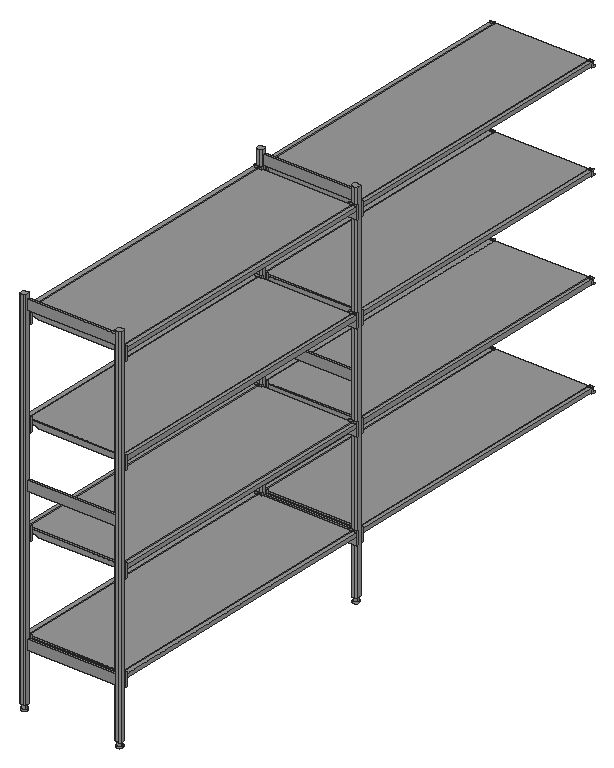
Revit family "QF_ELECTROLUXPROFESSIONAL_137088_CLS2728", category Attrezzature speciali, Revit 2020 (continued)
Definition of nested family "WT_Aggancio475"
  Dimensions and locks
    "Depth": plane 3 "BACK" to plane 4 "FRONT"
    "Dint": plane 7 to plane 8
    equal spacing: plane 7, plane 6 "Center (Front/Back)", plane 8
    equal spacing: plane 3 "BACK", plane 6 "Center (Front/Back)", plane 4 "FRONT"
    plane 9 "FEET" to level = 25.0 mm
    plane 5 "TOP" to plane 9 "FEET" = 1700.0 mm
    plane 10 to plane 9 "FEET" = 250.0 mm
    plane 11 to plane 10 = 450.0 mm
    plane 12 to plane 11 = 450.0 mm
    plane 13 to plane 12 = 450.0 mm
    locked: plane 3 "BACK" to plane 15 "CYBack" at 17.5
    locked: plane 16 "CYFront" to plane 4 "FRONT" at 17.5
    aligned and locked: level to plane 1
    aligned and locked: Extrusion 1 sketch curve to Extrusion 1 sketch curve  (x3)
  Automatic sketch dimensions
    plane 16 "CYFront" to Extrusion 1 sketch curve = 1.478 mm  (x4)
    Extrusion 1 sketch curve to Extrusion 1 sketch curve = 2.0 mm
    plane 8 to Extrusion 1 sketch curve = 3.478 mm  (x4)
    Extrusion 1 sketch curve to plane 10 = 4.006 mm
    Extrusion 1 sketch curve to Extrusion 1 sketch curve = 34.0 mm  (x4)
    Extrusion 1 sketch curve to plane 11 = 4.006 mm
    Extrusion 1 sketch curve to plane 12 = 4.006 mm
    Extrusion 1 sketch curve to plane 13 = 4.006 mm
    Extrusion 1 sketch curve to plane 7 = 37.522 mm  (x4)
    Extrusion 1 sketch curve to plane 7 = 3.522 mm  (x4)
    plane 14 to Extrusion 1 sketch curve = 3.516 mm  (x4)
    plane 14 to Extrusion 1 sketch curve = 1.522 mm  (x4)
    plane 10 to Extrusion 1 sketch curve = 7.998 mm  (x2)
    Extrusion 1 sketch curve to Extrusion 1 sketch curve = 11.498 mm  (x4)
    Extrusion 1 sketch curve to Extrusion 1 sketch curve = 6.499 mm  (x8)
    plane 11 to Extrusion 1 sketch curve = 7.998 mm  (x2)
    plane 12 to Extrusion 1 sketch curve = 7.998 mm  (x2)
    plane 13 to Extrusion 1 sketch curve = 7.998 mm  (x2)
    plane 2 "LEFT" to Extrusion 2 sketch curve = 0.0 mm  (x4)
    plane 13 to Extrusion 2 sketch curve = 7.996 mm
    plane 11 to Extrusion 2 sketch curve = 7.996 mm
    Extrusion 2 sketch curve to Extrusion 2 sketch curve = 5.0 mm  (x4)
    plane 11 to Extrusion 2 sketch curve = 2.494 mm
    plane 10 to Extrusion 2 sketch curve = 28.996 mm
    Extrusion 2 sketch curve to Extrusion 2 sketch curve = 3.0 mm  (x4)
    plane 10 to Extrusion 2 sketch curve = 7.996 mm
    plane 10 to Extrusion 2 sketch curve = 2.494 mm
    Extrusion 2 sketch curve to Extrusion 2 sketch curve = 18.0 mm  (x3)
    plane 12 to Extrusion 2 sketch curve = 2.494 mm
    plane 12 to Extrusion 2 sketch curve = 7.996 mm
    plane 13 to Extrusion 2 sketch curve = 2.494 mm
    plane 2 "LEFT" to Extrusion 3 sketch curve = 0.0 mm  (x4)
    plane 13 to Extrusion 3 sketch curve = 7.996 mm
    plane 11 to Extrusion 3 sketch curve = 7.996 mm
    Extrusion 3 sketch curve to Extrusion 3 sketch curve = 5.0 mm  (x4)
    plane 11 to Extrusion 3 sketch curve = 2.494 mm
    plane 10 to Extrusion 3 sketch curve = 28.996 mm
    Extrusion 3 sketch curve to Extrusion 3 sketch curve = 3.0 mm  (x4)
    plane 10 to Extrusion 3 sketch curve = 7.996 mm
    plane 10 to Extrusion 3 sketch curve = 2.494 mm
    Extrusion 3 sketch curve to Extrusion 3 sketch curve = 18.0 mm  (x3)
    plane 12 to Extrusion 3 sketch curve = 2.494 mm
    plane 12 to Extrusion 3 sketch curve = 7.996 mm
    plane 13 to Extrusion 3 sketch curve = 2.494 mm
    plane 2 "LEFT" to curve 1 = 5.0 mm
    plane 2 "LEFT" to curve 7 = 5.0 mm
    curve 1 to plane 16 "CYFront" = 17.5 mm
    curve 3 to plane 8 = 12.522 mm
    plane 7 to curve 5 = 12.478 mm
    curve 7 to plane 14 = 17.5 mm
    curve 5 to curve 5 = 4.0 mm
    curve 1 to curve 4 = 4.0 mm
    Extrusion 2 sketch curve to Extrusion 2 sketch curve = 4.0 mm  (x4)
    Extrusion 2 sketch curve to Extrusion 2 sketch curve = 8.969 mm  (x4)
    Extrusion 3 sketch curve to Extrusion 3 sketch curve = 4.0 mm  (x4)
    Extrusion 3 sketch curve to Extrusion 3 sketch curve = 8.969 mm  (x4)
